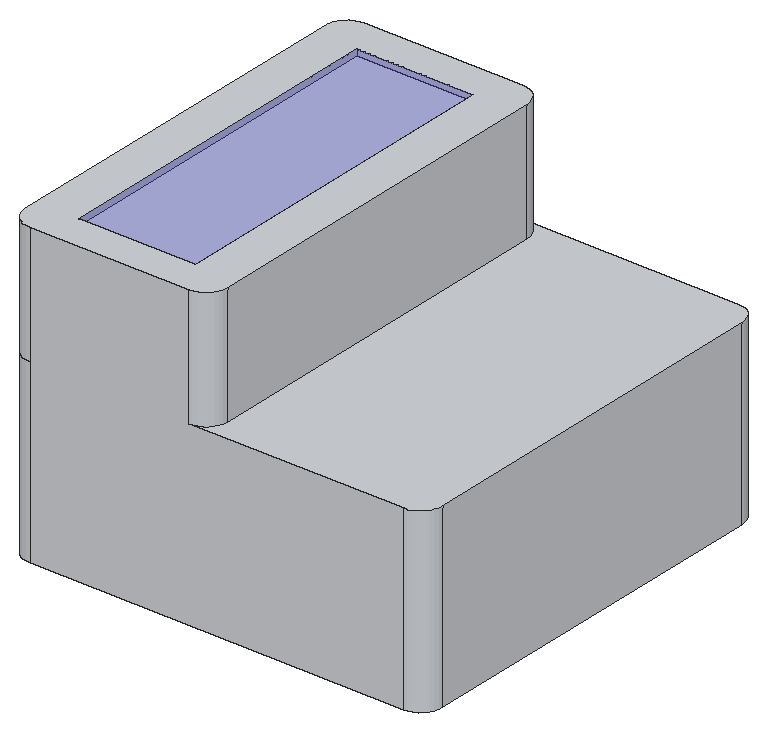
Revit family "Domotics-SerieCivili-GEWISS-27COMBIDIN_SYSTEM-IP40_2M_4SY", category Apparecchi elettrici, host Superficie, Revit 2016
Family settings
  Host = Superficie
  Mantenere orientamento annotazione = No
  Tipo di parte = Normale
  Quota connettore circolare = Usa diametro
  Taglio con vuoti quando caricato = No
  Condiviso = No
  Punto di calcolo locali = No
Parameters (values of type "GW27071 - Contenitore 2 mod. DIN + (2x2) mod. System")
  Viti coperchio = "Acciaio inox"
  Versione file RFA = "19.4"
  URL = "https://www.gewiss.com/it/it"
  Tipologia di contenitore = "GP"
  Tipo sfondabili = "Asportabili con utensile"
  Tipo portella = "Rigida"
  Termopressione con biglia = "70 °C"
  Tensione nominale: = "400 V ac"
  Tensione di isolamento = "750V"
  Temperatura di installazione = "-25 +60 °C"
  Scheda Tecnica = "https://www.gewiss.com/it/it/search?q=GW27071"
  SEO = "Contenitore"
  Resistenza agli urti = "IK07"
  Default Elevation = 1219.2 mm
  Profondità = 95 mm
  Produttore = "GEWISS S.p.A."
  Predisposizione scomparti = "1"
  Potenza dissipabile (W) = "13"
  Norma di riferimento: = "EN 60670-1 - EN 60670-24"
  Norma di riferimento = "EN 60669-2-1"
  N. moduli SYSTEM = "4"
  N. moduli DIN = "2"
  N. fori Ã˜ 23 sfondabili: = "Laterali 10 / Sul fondo 2"
  N. fori Ã˜ 23 sfondabili = "10"
  Modello = "GW27071"
  Larghezza = 132 mm
  Immagine tipo = GW27071.jpg
  IFC.TypeObject = ""
  IFC.ExportType = ""
  IFC.ExportAs = ""
  IDT = "1e104662-b0c2-4183-8d58-26241cd5dc0a"
  IDF = "45a36d84-0d20-4ff0-9bfc-049fc30f44fc"
  Grado di protezione = "IP40"
  Glow Wire Test = "650°C"
  Dim. esterne BxHxP (mm) = "132x132x95"
  Descrizione = "CONTENITORE 2MOD.DIN+(2X2)MOD.SYSTEM PR."
  Creato da GEWISS S.p.A. = ""
  Corrente nominale (In) = "32A"
  Coppia serraggio viti = "0,8NM"
  Contatti di uscita = "1NA 16 A (AC1) 250 V ac"
  Configurazione = "Modulo 2 x 2"
  Colore portella = "Trasparente fume'"
  Colore = "Grigio RAL 7035"
  Codice Electrocod = "0212"
  Codice EAN = "8011564055445"
  Classe isolamento = "II"
  Catalogo Serie = "27COMBI"
  Catalogo = "DOMOTICS"
  Caratteristiche = "Halogen free"
  COBie.Tagnumber = ""
  COBie.CreatedOn = ""
  COBie.CreatebBy = ""
  COBie.ComponentRegisterItemID = ""
  COBie.Component.TagNumber = ""
  COBie.Component.Space = ""
  COBie.Component.SerialNumber = ""
  COBie.Component.InstallationDate = ""
  COBie.Component.Description = ""
  COBie.Component.BarCode = ""
  Altezza = 132 mm  # constant formula
Values of the unnamed type that differ from the named types
  Viti coperchio = ""
  Versione file RFA = ""
  Tipologia di contenitore = ""
  Tipo sfondabili = ""
  Tipo portella = ""
  Termopressione con biglia = ""
  Tensione nominale: = ""
  Tensione di isolamento = ""
  Temperatura di installazione = ""
  Scheda Tecnica = ""
  SEO = ""
  Resistenza agli urti = ""
  Predisposizione scomparti = ""
  Potenza dissipabile (W) = ""
  Norma di riferimento: = ""
  Norma di riferimento = ""
  N. moduli SYSTEM = ""
  N. moduli DIN = ""
  N. fori Ã˜ 23 sfondabili: = ""
  N. fori Ã˜ 23 sfondabili = ""
  IDT = ""
  IDF = ""
  Grado di protezione = ""
  Glow Wire Test = ""
  Dim. esterne BxHxP (mm) = ""
  Corrente nominale (In) = ""
  Coppia serraggio viti = ""
  Contatti di uscita = ""
  Configurazione = ""
  Colore portella = ""
  Colore = ""
  Codice Electrocod = ""
  Codice EAN = ""
  Classe isolamento = ""
  Catalogo Serie = ""
  Catalogo = ""
  Caratteristiche = ""
Reference planes
  plane 1 "Centro (Fronte/Retro)": y = 0
  plane 2: z = 0
  plane 3 "Centro (Sinistra/Destra)": x = 0
  plane 4 "Piano Allineamento Sportellino": z = 95
  plane 5: x = -2.56
  plane 6: z = 57.066
  plane 7: z = 32.066
  plane 8: z = 70
  plane 9: z = 93
  plane 10: x = 65.467
  plane 11: y = 66.019
  plane 12: y = -65.981
  plane 13: x = -66.533
  plane 14: x = -53.047
  plane 15: x = -52.047
  plane 16: x = -17.047
  plane 17: x = -16.047
  plane 18: y = 54.961
  plane 19: y = -53.961
  plane 20: y = -54.961
  plane 21: x = -16.047
  plane 22: x = -16.047
  plane 23: y = 53.961
  plane 24: x = 6.37
  plane 25: y = 2.72
  plane 26: y = -8.101
Forms (mm)
  Extrusion 1, solid
    sketch origin (0, -451.03, 0) x (1, 0, 0) y (0, 1, 0)
      loop
        line (-9.56, 517.049) -> (-59.533, 517.049)
        arc (-59.533, 517.049) -> (-64.483, 514.999) -> (-66.533, 510.049) r 7
        line (-66.533, 510.049) -> (-66.533, 392.049)
        arc (-66.533, 392.049) -> (-64.483, 387.1) -> (-59.533, 385.049) r 7
        line (-59.533, 385.049) -> (-9.56, 385.049)
        arc (-9.56, 385.049) -> (-4.61, 387.1) -> (-2.56, 392.049) r 7
        line (-2.56, 392.049) -> (-2.56, 510.049)
        arc (-2.56, 510.049) -> (-4.61, 514.999) -> (-9.56, 517.049) r 7
    from 57.066 to 95
  Extrusion 2, solid
    sketch origin (0, 0, 0) x (1, 0, 0) y (0, 1, 0)
      loop
        line (-66.533, 59.019) -> (-66.533, -58.981)
        arc (-66.533, -58.981) -> (-64.483, -63.931) -> (-59.533, -65.981) r 7
        line (-59.533, -65.981) -> (58.467, -65.981)
        arc (58.467, -65.981) -> (63.417, -63.931) -> (65.467, -58.981) r 7
        line (65.467, -58.981) -> (65.467, 59.019)
        arc (65.467, 59.019) -> (63.417, 63.969) -> (58.467, 66.019) r 7
        line (58.467, 66.019) -> (-59.533, 66.019)
        arc (-59.533, 66.019) -> (-64.483, 63.969) -> (-66.533, 59.019) r 7
    from 0 to 57.066
  Extrusion 3, void
    sketch origin (4.989, -5.381, 0) x (1, 0, 0) y (0, 1, 0)
      loop
        line (45.38, -2.72) -> (1.38, -2.72) -> (1.38, -49.58) -> (45.38, -49.58) -> (45.38, -2.72)
    from 32.066 to 57.066
  Extrusion 4, void
    sketch origin (0, 0, 0) x (1, 0, 0) y (0, 1, 0)
      loop
        line (-52.047, 53.961) -> (-52.047, -53.961) -> (-17.047, -53.961) -> (-17.047, 53.961) -> (-52.047, 53.961)
    from 70 to 93
  Extrusion 5, void
    sketch origin (0, 0, 0) x (1, 0, 0) y (0, 1, 0)
      loop
        line (-16.047, 54.961) -> (-53.047, 54.961) -> (-53.047, -54.961) -> (-16.047, -54.961) -> (-16.047, 54.961)
    from 93 to 95
  Extrusion 6, solid, material "GEWISS Sportellino"
    sketch origin (0, 0, 0) x (1, 0, 0) y (0, 1, 0)
      loop
        line (-16.047, 54.961) -> (-53.047, 54.961) -> (-53.047, -54.961) -> (-16.047, -54.961) -> (-16.047, 54.961)
    from 93 to 95
  Extrusion 7, void
    sketch origin (4.989, 52.299, 0) x (1, 0, 0) y (0, 1, 0)
      loop
        line (45.38, -2.72) -> (1.38, -2.72) -> (1.38, -49.58) -> (45.38, -49.58) -> (45.38, -2.72)
    from 32.066 to 57.066
Cuts and joins
  Extrusion 5, Extrusion 7 cuts Extrusion 1
  Extrusion 4 cuts Extrusion 2
  joined: Extrusion 1, Extrusion 2
Lines and regions (mm)
  Filled region 1, type "GW27071Q.DXF-1", in view "Livello rif."
    outline origin (0, 0, 0) x (1, 0, 0) y (0, 1, 0)
      loop
        line (260.935, -29.653) -> (261.769, -34.653) -> (262.602, -29.653) -> (260.935, -29.653)
  Filled region 2, type "GW27071Q.DXF-1", in view "Livello rif."
    outline origin (0, 0, 0) x (1, 0, 0) y (0, 1, 0)
      loop
        line (260.935, 92.347) -> (262.602, 92.347) -> (261.769, 97.347) -> (260.935, 92.347)
  Filled region 3, type "GW27071Q.DXF-1", in view "Livello rif."
    outline origin (0, 0, 0) x (1, 0, 0) y (0, 1, 0)
      loop
        line (105.985, -59.146) -> (100.985, -59.979) -> (105.985, -60.812) -> (105.985, -59.146)
  Filled region 4, type "GW27071Q.DXF-1", in view "Livello rif."
    outline origin (0, 0, 0) x (1, 0, 0) y (0, 1, 0)
      loop
        line (227.985, -59.146) -> (227.985, -60.812) -> (232.985, -59.979) -> (227.985, -59.146)
  Filled region 5, type "GW27071Q.DXF-1", in view "Livello rif."
    outline origin (0, 0, 0) x (1, 0, 0) y (0, 1, 0)
      loop
        line (120.381, 113.489) -> (115.381, 112.656) -> (120.381, 111.823) -> (120.381, 113.489)
  Filled region 6, type "GW27071Q.DXF-1", in view "Livello rif."
    outline origin (0, 0, 0) x (1, 0, 0) y (0, 1, 0)
      loop
        line (145.381, 113.489) -> (145.381, 111.823) -> (150.381, 112.656) -> (145.381, 113.489)
  Filled region 7, type "GW27071Q.DXF-1", in view "Livello rif."
    outline origin (0, 0, 0) x (1, 0, 0) y (0, 1, 0)
      loop
        line (249.289, 75.924) -> (250.956, 75.924) -> (250.123, 80.924) -> (249.289, 75.924)
  Filled region 8, type "GW27071Q.DXF-1", in view "Livello rif."
    outline origin (0, 0, 0) x (1, 0, 0) y (0, 1, 0)
      loop
        line (249.289, -12.076) -> (250.123, -17.076) -> (250.956, -12.076) -> (249.289, -12.076)
  Filled region 9, type "GW27071Q.DXF-1", in view "Livello rif."
    outline origin (0, 0, 0) x (1, 0, 0) y (0, 1, 0)
      loop
        line (116.985, -49.734) -> (111.985, -50.567) -> (116.985, -51.4) -> (116.985, -49.734)
  Filled region 10, type "GW27071Q.DXF-1", in view "Livello rif."
    outline origin (0, 0, 0) x (1, 0, 0) y (0, 1, 0)
      loop
        line (216.985, -49.734) -> (216.985, -51.4) -> (221.985, -50.567) -> (216.985, -49.734)
  Filled region 11, type "GW27071Q.DXF-1", in view "Livello rif."
    outline origin (0, 0, 0) x (1, 0, 0) y (0, 1, 0)
      loop
        line (53.574, 133.277) -> (53.574, 131.611) -> (58.574, 132.444) -> (53.574, 133.277)
  Filled region 12, type "GW27071Q.DXF-1", in view "Livello rif."
    outline origin (0, 0, 0) x (1, 0, 0) y (0, 1, 0)
      loop
        line (17.434, 133.277) -> (12.434, 132.444) -> (17.434, 131.611) -> (17.434, 133.277)
  Filled region 13, type "GW27071Q.DXF-1", in view "Livello rif."
    outline origin (0, 0, 0) x (1, 0, 0) y (0, 1, 0)
      loop
        line (17.434, 116.721) -> (12.434, 115.888) -> (17.434, 115.054) -> (17.434, 116.721)
  Filled region 14, type "GW27071Q.DXF-1", in view "Livello rif."
    outline origin (0, 0, 0) x (1, 0, 0) y (0, 1, 0)
      loop
        line (37.434, 116.721) -> (37.434, 115.054) -> (42.434, 115.888) -> (37.434, 116.721)
  Filled region 15, type "GW27071Q.DXF-1", in view "Livello rif."
    outline origin (0, 0, 0) x (1, 0, 0) y (0, 1, 0)
      loop
        line (47.434, 116.721) -> (42.434, 115.888) -> (47.434, 115.054) -> (47.434, 116.721)
  Filled region 16, type "GW27071Q.DXF-1", in view "Livello rif."
    outline origin (0, 0, 0) x (1, 0, 0) y (0, 1, 0)
      loop
        line (53.574, 116.721) -> (53.574, 115.054) -> (58.574, 115.888) -> (53.574, 116.721)
  Filled region 17, type "GW27071Q.DXF-1", in view "Livello rif."
    outline origin (0, 0, 0) x (1, 0, 0) y (0, 1, 0)
      loop
        line (34.678, -62.533) -> (34.678, -64.2) -> (39.678, -63.366) -> (34.678, -62.533)
  Filled region 18, type "GW27071Q.DXF-1", in view "Livello rif."
    outline origin (0, 0, 0) x (1, 0, 0) y (0, 1, 0)
      loop
        line (17.938, -62.533) -> (12.938, -63.366) -> (17.938, -64.2) -> (17.938, -62.533)
  Filled region 19, type "GW27071Q.DXF-1", in view "Livello rif."
    outline origin (0, 0, 0) x (1, 0, 0) y (0, 1, 0)
      loop
        line (34.678, -45.003) -> (34.678, -46.67) -> (39.678, -45.836) -> (34.678, -45.003)
  Filled region 20, type "GW27071Q.DXF-1", in view "Livello rif."
    outline origin (0, 0, 0) x (1, 0, 0) y (0, 1, 0)
      loop
        line (42.138, -45.003) -> (37.138, -45.836) -> (42.138, -46.67) -> (42.138, -45.003)
  Filled region 21, type "GW27071Q.DXF-1", in view "Livello rif."
    outline origin (0, 0, 0) x (1, 0, 0) y (0, 1, 0)
      loop
        line (44.678, -44.823) -> (39.678, -45.656) -> (44.678, -46.49) -> (44.678, -44.823)
  Filled region 22, type "GW27071Q.DXF-1", in view "Livello rif."
    outline origin (0, 0, 0) x (1, 0, 0) y (0, 1, 0)
      loop
        line (52.278, -44.823) -> (52.278, -46.49) -> (57.278, -45.656) -> (52.278, -44.823)
  Filled region 23, type "GW27071Q.DXF-1", in view "Livello rif."
    outline origin (0, 0, 0) x (1, 0, 0) y (0, 1, 0)
      loop
        line (212.797, 109.74) -> (212.797, 108.073) -> (217.797, 108.907) -> (212.797, 109.74)
  Filled region 24, type "GW27071Q.DXF-1", in view "Livello rif."
    outline origin (0, 0, 0) x (1, 0, 0) y (0, 1, 0)
      loop
        line (176.797, 109.74) -> (171.797, 108.907) -> (176.797, 108.073) -> (176.797, 109.74)
  Filled region 25, type "GW27071Q.DXF-1", in view "Sinistra"
    outline origin (0, 0, 0) x (0, -1, 0) y (0, 0, 1)
      loop
        line (101.84, 5) -> (100.174, 5) -> (101.007, 0) -> (101.84, 5)
  Filled region 26, type "GW27071Q.DXF-1", in view "Sinistra"
    outline origin (0, 0, 0) x (0, -1, 0) y (0, 0, 1)
      loop
        line (101.84, 90) -> (101.007, 95) -> (100.174, 90) -> (101.84, 90)
  Filled region 27, type "GW27071Q.DXF-1", in view "Sinistra"
    outline origin (0, 0, 0) x (0, -1, 0) y (0, 0, 1)
      loop
        line (85.284, 90) -> (84.451, 95) -> (83.617, 90) -> (85.284, 90)
  Filled region 28, type "GW27071Q.DXF-1", in view "Sinistra"
    outline origin (0, 0, 0) x (0, -1, 0) y (0, 0, 1)
      loop
        line (85.284, 70) -> (83.617, 70) -> (84.451, 65) -> (85.284, 70)
  Filled region 29, type "GW27071Q.DXF-1", in view "Sinistra"
    outline origin (0, 0, 0) x (0, -1, 0) y (0, 0, 1)
      loop
        line (85.284, 60) -> (84.451, 65) -> (83.617, 60) -> (85.284, 60)
  Filled region 30, type "GW27071Q.DXF-1", in view "Sinistra"
    outline origin (0, 0, 0) x (0, -1, 0) y (0, 0, 1)
      loop
        line (85.284, 5) -> (83.617, 5) -> (84.451, 0) -> (85.284, 5)
  Filled region 31, type "GW27071Q.DXF-1", in view "Sinistra"
    outline origin (0, 0, 0) x (0, -1, 0) y (0, 0, 1)
      loop
        line (-93.97, 23.896) -> (-95.637, 23.896) -> (-94.803, 18.896) -> (-93.97, 23.896)
  Filled region 32, type "GW27071Q.DXF-1", in view "Sinistra"
    outline origin (0, 0, 0) x (0, -1, 0) y (0, 0, 1)
      loop
        line (-93.97, 89.496) -> (-94.803, 94.496) -> (-95.637, 89.496) -> (-93.97, 89.496)
  Filled region 33, type "GW27071Q.DXF-1", in view "Sinistra"
    outline origin (0, 0, 0) x (0, -1, 0) y (0, 0, 1)
      loop
        line (-76.44, 23.896) -> (-78.107, 23.896) -> (-77.273, 18.896) -> (-76.44, 23.896)
  Filled region 34, type "GW27071Q.DXF-1", in view "Sinistra"
    outline origin (0, 0, 0) x (0, -1, 0) y (0, 0, 1)
      loop
        line (-76.44, 65.296) -> (-77.273, 70.296) -> (-78.107, 65.296) -> (-76.44, 65.296)
  Filled region 35, type "GW27071Q.DXF-1", in view "Sinistra"
    outline origin (0, 0, 0) x (0, -1, 0) y (0, 0, 1)
      loop
        line (-76.26, 58.896) -> (-77.927, 58.896) -> (-77.093, 18.896) -> (-76.26, 58.896)
  Filled region 36, type "GW27071Q.DXF-1", in view "Sinistra"
    outline origin (0, 0, 0) x (0, -1, 0) y (0, 0, 1)
      loop
        line (-76.26, 51.296) -> (-77.927, 51.296) -> (-77.093, 1.296) -> (-76.26, 51.296)
  Filled region 37, type "GW27071Q.DXF-1", in view "Sinistra", not visible
    outline origin (0, 0, 0) x (0, -1, 0) y (0, 0, 1)
      loop
        line (295.687, 963.746) -> (295.687, 962.08) -> (300.687, 962.913) -> (295.687, 963.746)
  Filled region 38, type "GW27071Q.DXF-1", in view "Sinistra", not visible
    outline origin (0, 0, 0) x (0, -1, 0) y (0, 0, 1)
      loop
        line (210.687, 963.746) -> (205.687, 962.913) -> (210.687, 962.08) -> (210.687, 963.746)
  Filled region 39, type "GW27071Q.DXF-1", in view "Sinistra", not visible
    outline origin (0, 0, 0) x (0, -1, 0) y (0, 0, 1)
      loop
        line (210.687, 947.19) -> (205.687, 946.356) -> (210.687, 945.523) -> (210.687, 947.19)
  Filled region 40, type "GW27071Q.DXF-1", in view "Sinistra", not visible
    outline origin (0, 0, 0) x (0, -1, 0) y (0, 0, 1)
      loop
        line (230.687, 947.19) -> (230.687, 945.523) -> (235.687, 946.356) -> (230.687, 947.19)
  Filled region 41, type "GW27071Q.DXF-1", in view "Sinistra", not visible
    outline origin (0, 0, 0) x (0, -1, 0) y (0, 0, 1)
      loop
        line (240.687, 947.19) -> (235.687, 946.356) -> (240.687, 945.523) -> (240.687, 947.19)
  Filled region 42, type "GW27071Q.DXF-1", in view "Sinistra", not visible
    outline origin (0, 0, 0) x (0, -1, 0) y (0, 0, 1)
      loop
        line (295.687, 947.19) -> (295.687, 945.523) -> (300.687, 946.356) -> (295.687, 947.19)
  Filled region 43, type "GW27071Q.DXF-1", in view "Sinistra", not visible
    outline origin (0, 0, 0) x (0, -1, 0) y (0, 0, 1)
      loop
        line (276.791, 767.936) -> (276.791, 766.269) -> (281.791, 767.103) -> (276.791, 767.936)
  Filled region 44, type "GW27071Q.DXF-1", in view "Sinistra", not visible
    outline origin (0, 0, 0) x (0, -1, 0) y (0, 0, 1)
      loop
        line (211.191, 767.936) -> (206.191, 767.103) -> (211.191, 766.269) -> (211.191, 767.936)
  Filled region 45, type "GW27071Q.DXF-1", in view "Sinistra", not visible
    outline origin (0, 0, 0) x (0, -1, 0) y (0, 0, 1)
      loop
        line (276.791, 785.466) -> (276.791, 783.799) -> (281.791, 784.632) -> (276.791, 785.466)
  Filled region 46, type "GW27071Q.DXF-1", in view "Sinistra", not visible
    outline origin (0, 0, 0) x (0, -1, 0) y (0, 0, 1)
      loop
        line (235.391, 785.466) -> (230.391, 784.632) -> (235.391, 783.799) -> (235.391, 785.466)
  Filled region 47, type "GW27071Q.DXF-1", in view "Sinistra", not visible
    outline origin (0, 0, 0) x (0, -1, 0) y (0, 0, 1)
      loop
        line (286.791, 785.646) -> (281.791, 784.812) -> (286.791, 783.979) -> (286.791, 785.646)
  Filled region 48, type "GW27071Q.DXF-1", in view "Sinistra", not visible
    outline origin (0, 0, 0) x (0, -1, 0) y (0, 0, 1)
      loop
        line (294.391, 785.646) -> (294.391, 783.979) -> (299.391, 784.812) -> (294.391, 785.646)
  model lines, detail levels fine
    curve 1: line (-14.013, 63.947, 95) -> (-14.013, 53.914, 95)
    curve 2: line (-9.267, 58.93, 95) -> (-18.758, 58.93, 95)
    curve 3: line (-14.013, -63.947, 95) -> (-14.013, -53.914, 95)
    curve 4: line (-9.267, -58.93, 95) -> (-18.758, -58.93, 95)
    curve 5: line (59.16, -63.911, 57.066) -> (59.16, -53.878, 57.066)
    curve 6: line (63.901, -58.899, 57.066) -> (54.39, -58.899, 57.066)
    curve 7: line (59.16, 63.947, 57.066) -> (59.16, 53.914, 57.066)
    curve 8: line (63.901, 58.935, 57.066) -> (54.41, 58.935, 57.066)
    curve 9: line (-60.216, -63.947, 95) -> (-60.216, -53.914, 95)
    curve 10: line (-64.957, -58.935, 95) -> (-55.442, -58.935, 95)
    curve 11: line (-60.216, 63.947, 95) -> (-60.216, 53.961, 95)
    curve 12: line (-64.957, 58.935, 95) -> (-55.466, 58.935, 95)
    curve 13: circle (-14.013, 58.93, 95) r 2.983 normal (0, 0, 1)
    curve 14: circle (-14.013, -58.93, 95) r 2.983 normal (0, 0, 1)
    curve 17: circle (59.155, -58.899, 57.066) r 2.983 normal (0, 0, 1)
    curve 18: circle (59.155, 58.935, 57.066) r 2.983 normal (0, 0, 1)
    curve 19: circle (-60.211, -58.935, 95) r 2.983 normal (0, 0, 1)
    curve 20: circle (-60.211, 58.935, 95) r 2.983 normal (0, 0, 1)
    curve 22: line (-16.147, 61.014, 95) -> (-11.878, 56.847, 95)
    curve 23: line (-16.147, -61.014, 95) -> (-11.878, -56.847, 95)
    curve 24: line (57.021, -60.983, 57.066) -> (61.29, -56.815, 57.066)
    curve 25: line (57.021, 61.019, 57.066) -> (61.29, 56.851, 57.066)
    curve 26: line (-58.077, -61.019, 95) -> (-62.346, -56.851, 95)
    curve 27: line (-58.077, 61.019, 95) -> (-62.346, 56.851, 95)
  model lines
    curve 15: arc (65.467, 58.93, 0) -> (63.423, 63.94, 0) -> (58.428, 66.019, 0) r 7.039
    curve 16: arc (58.063, -66.006, 0) -> (63.067, -63.923, 0) -> (65.115, -58.905, 0) r 7.052
    curve 21: line (58.063, -66.006, 0) -> (-60.213, -66.006, 0)
  model lines, not visible
    curve 28: arc (276.741, -20.994, 0) -> (277.939, -18.365, 0) -> (277.918, -15.476, 0) r 6.7
    curve 29: arc (264.087, -16.92, 0) -> (264.693, -19.757, 0) -> (266.434, -22.078, 0) r 6.754
    curve 30: arc (268.608, -16.92, 0) -> (269.839, -19.067, 0) -> (272.314, -19.095, 0) r 2.493
    curve 31: arc (268.969, -24.605, 0) -> (271.825, -24.886, 0) -> (274.574, -24.062, 0) r 7.427
    curve 32: arc (276.741, -12.853, 0) -> (274.6, -10.93, 0) -> (271.859, -10.052, 0) r 6.874
    curve 33: arc (268.969, -10.326, 0) -> (266.449, -11.778, 0) -> (264.721, -14.118, 0) r 7.102
    curve 34: arc (273.578, -16.92, 0) -> (272.344, -14.78, 0) -> (269.874, -14.755, 0) r 2.491
    curve 35: arc (268.969, -24.605, 0) -> (271.82, -24.986, 0) -> (274.546, -24.065, 0) r 6.329
    curve 36: arc (272.314, 81.969, 0) -> (269.839, 81.941, 0) -> (268.608, 79.794, 0) r 2.493
    curve 37: arc (274.574, 86.936, 0) -> (271.825, 87.76, 0) -> (268.969, 87.479, 0) r 7.427
    curve 38: arc (274.546, 86.939, 0) -> (271.82, 87.86, 0) -> (268.969, 87.479, 0) r 6.329
    curve 39: arc (266.434, 84.952, 0) -> (264.693, 82.631, 0) -> (264.087, 79.794, 0) r 6.754
    curve 40: arc (264.721, 76.992, 0) -> (266.449, 74.652, 0) -> (268.969, 73.2, 0) r 7.102
    curve 41: arc (277.918, 78.35, 0) -> (277.939, 81.239, 0) -> (276.741, 83.868, 0) r 6.7
    curve 42: arc (269.874, 77.629, 0) -> (272.344, 77.654, 0) -> (273.578, 79.794, 0) r 2.491
    curve 43: arc (271.859, 72.926, 0) -> (274.6, 73.804, 0) -> (276.741, 75.727, 0) r 6.874
    curve 44: arc (159.373, -19.095, 0) -> (161.848, -19.067, 0) -> (163.079, -16.92, 0) r 2.493
    curve 45: arc (157.113, -24.062, 0) -> (159.862, -24.886, 0) -> (162.719, -24.605, 0) r 7.427
    curve 46: arc (157.142, -24.065, 0) -> (159.867, -24.986, 0) -> (162.719, -24.605, 0) r 6.329
    curve 47: arc (165.253, -22.078, 0) -> (166.994, -19.757, 0) -> (167.601, -16.92, 0) r 6.754
    curve 48: arc (166.966, -14.118, 0) -> (165.239, -11.778, 0) -> (162.719, -10.326, 0) r 7.102
    curve 49: arc (153.769, -15.476, 0) -> (153.748, -18.365, 0) -> (154.946, -20.994, 0) r 6.7
    curve 50: arc (161.813, -14.755, 0) -> (159.343, -14.78, 0) -> (158.11, -16.92, 0) r 2.491
    curve 51: arc (159.828, -10.052, 0) -> (157.087, -10.93, 0) -> (154.946, -12.853, 0) r 6.874
    curve 52: arc (154.946, 75.727, 0) -> (157.087, 73.804, 0) -> (159.828, 72.926, 0) r 6.874
    curve 53: arc (162.719, 73.2, 0) -> (165.239, 74.652, 0) -> (166.966, 76.992, 0) r 7.102
    curve 54: arc (162.719, 87.479, 0) -> (159.867, 87.86, 0) -> (157.142, 86.939, 0) r 6.329
    curve 55: arc (162.719, 87.479, 0) -> (159.862, 87.76, 0) -> (157.113, 86.936, 0) r 7.427
    curve 56: arc (163.079, 79.794, 0) -> (161.848, 81.941, 0) -> (159.373, 81.969, 0) r 2.493
    curve 57: arc (167.601, 79.794, 0) -> (166.994, 82.631, 0) -> (165.253, 84.952, 0) r 6.754
    curve 58: arc (158.11, 79.794, 0) -> (159.343, 77.654, 0) -> (161.813, 77.629, 0) r 2.491
    curve 59: arc (154.946, 83.868, 0) -> (153.748, 81.239, 0) -> (153.769, 78.35, 0) r 6.7
    curve 60: line (266.434, -22.078, 0) -> (264.087, -16.92, 0)
    curve 61: line (277.918, -15.476, 0) -> (276.741, -20.994, 0)
    curve 62: line (272.314, -19.095, 0) -> (268.608, -16.92, 0)
    curve 63: line (274.574, -24.062, 0) -> (268.969, -24.605, 0)
    curve 64: line (271.859, -10.052, 0) -> (276.741, -12.853, 0)
    curve 65: line (264.721, -14.118, 0) -> (268.969, -10.326, 0)
    curve 66: line (269.874, -14.755, 0) -> (273.578, -16.92, 0)
    curve 67: line (272.314, 81.969, 0) -> (268.608, 79.794, 0)
    curve 68: line (274.574, 86.936, 0) -> (268.969, 87.479, 0)
    curve 69: line (266.434, 84.952, 0) -> (264.087, 79.794, 0)
    curve 70: line (264.721, 76.992, 0) -> (268.969, 73.2, 0)
    curve 71: line (277.918, 78.35, 0) -> (276.741, 83.868, 0)
    curve 72: line (269.874, 77.629, 0) -> (273.578, 79.794, 0)
    curve 73: line (271.859, 72.926, 0) -> (276.741, 75.727, 0)
    curve 74: line (159.373, -19.095, 0) -> (163.079, -16.92, 0)
    curve 75: line (157.113, -24.062, 0) -> (162.719, -24.605, 0)
    curve 76: line (165.253, -22.078, 0) -> (167.601, -16.92, 0)
    curve 77: line (166.966, -14.118, 0) -> (162.719, -10.326, 0)
    curve 78: line (153.769, -15.476, 0) -> (154.946, -20.994, 0)
    curve 79: line (161.813, -14.755, 0) -> (158.11, -16.92, 0)
    curve 80: line (159.828, -10.052, 0) -> (154.946, -12.853, 0)
    curve 81: line (159.828, 72.926, 0) -> (154.946, 75.727, 0)
    curve 82: line (166.966, 76.992, 0) -> (162.719, 73.2, 0)
    curve 83: line (157.142, 86.939, 0) -> (162.719, 87.479, 0)
    curve 84: line (159.373, 81.969, 0) -> (163.079, 79.794, 0)
    curve 85: line (165.253, 84.952, 0) -> (167.601, 79.794, 0)
    curve 86: line (161.813, 77.629, 0) -> (158.11, 79.794, 0)
    curve 87: line (153.769, 78.35, 0) -> (154.946, 83.868, 0)
    curve 88: line (202.275, 95.384, 0) -> (202.275, 85.351, 0)
    curve 89: line (207.021, 90.368, 0) -> (197.53, 90.368, 0)
    curve 90: line (202.275, -32.51, 0) -> (202.275, -22.477, 0)
    curve 91: line (207.021, -27.493, 0) -> (197.53, -27.493, 0)
    curve 92: line (275.615, -32.51, 0) -> (275.615, -22.477, 0)
    curve 93: line (280.356, -27.498, 0) -> (270.845, -27.498, 0)
    curve 94: line (275.615, 95.384, 0) -> (275.615, 85.351, 0)
    curve 95: line (280.356, 90.372, 0) -> (270.865, 90.372, 0)
    curve 96: line (156.072, -32.51, 0) -> (156.072, -22.477, 0)
    curve 97: line (151.331, -27.498, 0) -> (160.845, -27.498, 0)
    curve 98: line (156.072, 95.384, 0) -> (156.072, 85.351, 0)
    curve 99: line (151.331, 90.372, 0) -> (160.822, 90.372, 0)
    curve 100: line (289.744, 31.437, 0) -> (142.831, 31.437, 0)
    curve 101: arc (156.804, 97.456, 0) -> (151.809, 95.377, 0) -> (149.765, 90.368, 0) r 7.039
    curve 102: arc (195.602, -22.524, 0) -> (181.766, -8.688, 0) -> (167.931, -22.524, 0) r 13.836
    curve 103: arc (196.241, -22.524, 0) -> (198.363, -21.645, 0) -> (199.241, -19.524, 0) r 3
    curve 104: arc (199.241, 82.398, 0) -> (198.363, 84.519, 0) -> (196.241, 85.398, 0) r 3
    curve 105: circle (202.275, 90.368, 0) r 2.983 normal (0, 0, 1)
    curve 106: circle (202.275, -27.493, 0) r 2.983 normal (0, 0, 1)
    curve 107: arc (213.717, 90.368, 0) -> (211.673, 95.377, 0) -> (206.678, 97.456, 0) r 7.039
    curve 108: arc (149.765, -27.493, 0) -> (151.559, -32.237, 0) -> (156.075, -34.544, 0) r 7.039
    curve 109: arc (206.678, -34.582, 0) -> (211.673, -32.503, 0) -> (213.717, -27.493, 0) r 7.039
    curve 110: arc (281.922, 90.368, 0) -> (279.878, 95.377, 0) -> (274.883, 97.456, 0) r 7.039
    curve 111: arc (274.883, -34.582, 0) -> (279.878, -32.503, 0) -> (281.922, -27.493, 0) r 7.039
    curve 112: arc (222.657, 27.687, 0) -> (221.243, 27.101, 0) -> (220.657, 25.687, 0) r 2
    curve 113: arc (266.657, 25.687, 0) -> (266.072, 27.101, 0) -> (264.657, 27.687, 0) r 2
    curve 114: arc (266.657, 22.687, 0) -> (266.072, 24.101, 0) -> (264.657, 24.687, 0) r 2
    curve 115: arc (264.657, -20.313, 0) -> (266.072, -19.727, 0) -> (266.657, -18.313, 0) r 2
    curve 116: arc (220.657, -18.313, 0) -> (221.243, -19.727, 0) -> (222.657, -20.313, 0) r 2
    curve 117: arc (244.109, -18.327, 0) -> (244.648, -19.498, 0) -> (245.647, -20.313, 0) r 2.858
    curve 118: arc (241.574, -20.313, 0) -> (242.573, -19.498, 0) -> (243.112, -18.327, 0) r 2.858
    curve 119: arc (222.657, 24.687, 0) -> (221.243, 24.101, 0) -> (220.657, 22.687, 0) r 2
    curve 120: arc (243.112, 22.701, 0) -> (242.573, 23.872, 0) -> (241.574, 24.687, 0) r 2.858
    curve 121: arc (245.647, 24.687, 0) -> (244.648, 23.872, 0) -> (244.109, 22.701, 0) r 2.858
    curve 122: arc (220.657, 37.187, 0) -> (221.243, 35.773, 0) -> (222.657, 35.187, 0) r 2
    curve 123: arc (222.657, 80.187, 0) -> (221.243, 79.601, 0) -> (220.657, 78.187, 0) r 2
    curve 124: arc (222.657, 83.187, 0) -> (221.243, 82.601, 0) -> (220.657, 81.187, 0) r 2
    curve 125: circle (275.611, -27.498, 0) r 2.983 normal (0, 0, 1)
    curve 126: circle (275.611, 90.372, 0) r 2.983 normal (0, 0, 1)
    curve 127: arc (241.574, 35.187, 0) -> (242.573, 36.002, 0) -> (243.112, 37.173, 0) r 2.858
    curve 128: arc (244.109, 37.173, 0) -> (244.648, 36.002, 0) -> (245.647, 35.187, 0) r 2.858
    curve 129: arc (245.647, 80.187, 0) -> (244.648, 79.372, 0) -> (244.109, 78.201, 0) r 2.858
    curve 130: arc (243.112, 78.201, 0) -> (242.573, 79.372, 0) -> (241.574, 80.187, 0) r 2.858
    curve 131: arc (264.657, 35.187, 0) -> (266.072, 35.773, 0) -> (266.657, 37.187, 0) r 2
    curve 132: arc (266.657, 78.187, 0) -> (266.072, 79.601, 0) -> (264.657, 80.187, 0) r 2
    curve 133: arc (266.657, 81.187, 0) -> (266.072, 82.601, 0) -> (264.657, 83.187, 0) r 2
    curve 134: circle (156.077, -27.498, 0) r 2.983 normal (0, 0, 1)
    curve 135: arc (164.241, -19.524, 0) -> (165.12, -21.645, 0) -> (167.241, -22.524, 0) r 3
    curve 136: circle (156.077, 90.372, 0) r 2.983 normal (0, 0, 1)
    curve 137: arc (167.241, 85.398, 0) -> (165.12, 84.519, 0) -> (164.241, 82.398, 0) r 3
    curve 138: line (281.845, -27.493, 0) -> (281.845, 90.368, 0)
    curve 139: line (275.613, -34.544, 0) -> (156.075, -34.544, 0)
    curve 140: line (149.755, 90.368, 0) -> (149.755, -27.493, 0)
    curve 141: line (213.728, 90.368, 0) -> (213.728, -27.493, 0)
    curve 142: line (196.241, -22.524, 0) -> (167.241, -22.524, 0)
    curve 143: line (167.241, 85.398, 0) -> (196.241, 85.398, 0)
    curve 144: line (164.241, -19.524, 0) -> (164.241, 82.398, 0)
    curve 145: line (188.195, -2.552, 0) -> (193.792, -2.552, 0)
    curve 146: line (188.195, 8.478, 0) -> (193.792, 8.478, 0)
    curve 147: line (199.241, -19.524, 0) -> (199.241, 82.398, 0)
    curve 148: line (164.241, 65.427, 0) -> (199.241, 65.427, 0)
    curve 149: line (164.241, 54.396, 0) -> (199.241, 54.396, 0)
    curve 150: line (164.241, 8.478, 0) -> (199.241, 8.478, 0)
    curve 151: line (164.241, -2.552, 0) -> (199.241, -2.552, 0)
    curve 152: line (164.241, -15.562, 0) -> (199.241, -15.562, 0)
    curve 153: line (200.141, 92.451, 0) -> (204.41, 88.284, 0)
    curve 154: line (200.141, -29.577, 0) -> (204.41, -25.41, 0)
    curve 155: line (274.883, 97.456, 0) -> (156.804, 97.456, 0)
    curve 156: line (220.657, -18.313, 0) -> (220.657, 24.687, 0)
    curve 157: line (220.657, 24.687, 0) -> (220.657, 25.687, 0)
    curve 158: line (266.657, 25.687, 0) -> (266.657, -18.313, 0)
    curve 159: line (225.668, -20.313, 0) -> (225.668, -18.327, 0)
    curve 160: line (225.668, -18.327, 0) -> (239.681, -18.327, 0)
    curve 161: line (239.681, -18.327, 0) -> (239.681, -20.313, 0)
    curve 162: line (264.657, -20.313, 0) -> (222.657, -20.313, 0)
    curve 163: line (247.634, -20.313, 0) -> (247.634, -18.327, 0)
    curve 164: line (247.634, -18.327, 0) -> (261.647, -18.327, 0)
    curve 165: line (261.647, -18.327, 0) -> (261.647, -20.313, 0)
    curve 166: line (243.112, -18.327, 0) -> (244.109, -18.327, 0)
    curve 167: line (244.109, -18.327, 0) -> (243.112, -18.327, 0)
    curve 168: line (225.668, 24.687, 0) -> (225.668, 22.701, 0)
    curve 169: line (225.668, 22.701, 0) -> (239.681, 22.701, 0)
    curve 170: line (239.681, 22.701, 0) -> (239.681, 24.687, 0)
    curve 171: line (222.657, 24.687, 0) -> (264.657, 24.687, 0)
    curve 172: line (247.634, 24.687, 0) -> (247.634, 22.701, 0)
    curve 173: line (247.634, 22.701, 0) -> (261.647, 22.701, 0)
    curve 174: line (261.647, 22.701, 0) -> (261.647, 24.687, 0)
    curve 175: line (243.112, 22.701, 0) -> (244.109, 22.701, 0)
    curve 176: line (244.109, 22.701, 0) -> (243.112, 22.701, 0)
    curve 177: line (220.657, 37.187, 0) -> (220.657, 80.187, 0)
    curve 178: line (220.657, 80.187, 0) -> (220.657, 81.187, 0)
    curve 179: line (222.657, 27.687, 0) -> (264.657, 27.687, 0)
    curve 180: line (222.657, 35.187, 0) -> (264.657, 35.187, 0)
    curve 181: line (264.657, 35.187, 0) -> (222.657, 35.187, 0)
    curve 182: line (264.657, 80.187, 0) -> (222.657, 80.187, 0)
    curve 183: line (222.657, 80.187, 0) -> (264.657, 80.187, 0)
    curve 184: line (273.476, -29.582, 0) -> (277.745, -25.414, 0)
    curve 185: line (273.476, 92.456, 0) -> (277.745, 88.288, 0)
    curve 186: line (247.634, 80.187, 0) -> (247.634, 78.201, 0)
    curve 187: line (247.634, 78.201, 0) -> (261.647, 78.201, 0)
    curve 188: line (261.647, 78.201, 0) -> (261.647, 80.187, 0)
    curve 189: line (222.657, 83.187, 0) -> (264.657, 83.187, 0)
    curve 190: line (247.634, 35.187, 0) -> (247.634, 37.173, 0)
    curve 191: line (247.634, 37.173, 0) -> (261.647, 37.173, 0)
    curve 192: line (261.647, 37.173, 0) -> (261.647, 35.187, 0)
    curve 193: line (225.668, 35.187, 0) -> (225.668, 37.173, 0)
    curve 194: line (225.668, 37.173, 0) -> (239.681, 37.173, 0)
    curve 195: line (239.681, 37.173, 0) -> (239.681, 35.187, 0)
    curve 196: line (244.109, 37.173, 0) -> (243.112, 37.173, 0)
    curve 197: line (243.112, 37.173, 0) -> (244.109, 37.173, 0)
    curve 198: line (225.668, 80.187, 0) -> (225.668, 78.201, 0)
    curve 199: line (225.668, 78.201, 0) -> (239.681, 78.201, 0)
    curve 200: line (239.681, 78.201, 0) -> (239.681, 80.187, 0)
    curve 201: line (244.109, 78.201, 0) -> (243.112, 78.201, 0)
    curve 202: line (243.112, 78.201, 0) -> (244.109, 78.201, 0)
    curve 203: line (266.657, 81.187, 0) -> (266.657, 37.187, 0)
    curve 204: line (158.211, -29.582, 0) -> (153.942, -25.414, 0)
    curve 205: line (158.211, 92.456, 0) -> (153.942, 88.288, 0)
    curve 206: line (283.203, -34.653, 0) -> (311.879, -34.653, 0)
    curve 207: line (283.203, 97.347, 0) -> (311.879, 97.347, 0)
    curve 208: line (310.629, -29.653, 0) -> (310.629, 92.347, 0)
    curve 209: line (309.796, -29.653, 0) -> (311.463, -29.653, 0)
    curve 210: line (311.463, -29.653, 0) -> (310.629, -34.653, 0)
    curve 211: line (310.629, -34.653, 0) -> (309.796, -29.653, 0)
    curve 212: line (309.796, 92.347, 0) -> (311.463, 92.347, 0)
    curve 213: line (311.463, 92.347, 0) -> (310.629, 97.347, 0)
    curve 214: line (310.629, 97.347, 0) -> (309.796, 92.347, 0)
    curve 215: line (149.845, -38.932, 0) -> (149.845, -61.229, 0)
    curve 216: line (281.845, -38.932, 0) -> (281.845, -61.229, 0)
    curve 217: line (154.845, -59.979, 0) -> (276.845, -59.979, 0)
    curve 218: line (154.845, -59.146, 0) -> (154.845, -60.812, 0)
    curve 219: line (154.845, -60.812, 0) -> (149.845, -59.979, 0)
    curve 220: line (149.845, -59.979, 0) -> (154.845, -59.146, 0)
    curve 221: line (276.845, -59.146, 0) -> (276.845, -60.812, 0)
    curve 222: line (276.845, -60.812, 0) -> (281.845, -59.979, 0)
    curve 223: line (281.845, -59.979, 0) -> (276.845, -59.146, 0)
    curve 224: line (164.241, 91.052, 0) -> (164.241, 113.906, 0)
    curve 225: line (199.241, 91.052, 0) -> (199.241, 113.906, 0)
    curve 226: line (169.241, 112.656, 0) -> (194.241, 112.656, 0)
    curve 227: line (169.241, 113.489, 0) -> (169.241, 111.823, 0)
    curve 228: line (169.241, 111.823, 0) -> (164.241, 112.656, 0)
    curve 229: line (164.241, 112.656, 0) -> (169.241, 113.489, 0)
    curve 230: line (194.241, 113.489, 0) -> (194.241, 111.823, 0)
    curve 231: line (194.241, 111.823, 0) -> (199.241, 112.656, 0)
    curve 232: line (199.241, 112.656, 0) -> (194.241, 113.489, 0)
    curve 233: line (271.876, 80.924, 0) -> (300.233, 80.924, 0)
    curve 234: line (271.876, -17.076, 0) -> (300.233, -17.076, 0)
    curve 235: line (298.983, 75.924, 0) -> (298.983, -12.076, 0)
    curve 236: line (298.15, 75.924, 0) -> (299.817, 75.924, 0)
    curve 237: line (299.817, 75.924, 0) -> (298.983, 80.924, 0)
    curve 238: line (298.983, 80.924, 0) -> (298.15, 75.924, 0)
    curve 239: line (298.15, -12.076, 0) -> (299.817, -12.076, 0)
    curve 240: line (299.817, -12.076, 0) -> (298.983, -17.076, 0)
    curve 241: line (298.983, -17.076, 0) -> (298.15, -12.076, 0)
    curve 242: line (160.845, -18.231, 0) -> (160.845, -51.817, 0)
    curve 243: line (270.845, -18.233, 0) -> (270.845, -51.817, 0)
    curve 244: line (165.845, -50.567, 0) -> (265.845, -50.567, 0)
    curve 245: line (165.845, -49.734, 0) -> (165.845, -51.4, 0)
    curve 246: line (165.845, -51.4, 0) -> (160.845, -50.567, 0)
    curve 247: line (160.845, -50.567, 0) -> (165.845, -49.734, 0)
    curve 248: line (265.845, -49.734, 0) -> (265.845, -51.4, 0)
    curve 249: line (265.845, -51.4, 0) -> (270.845, -50.567, 0)
    curve 250: line (270.845, -50.567, 0) -> (265.845, -49.734, 0)
    curve 251: line (266.657, 86.812, 0) -> (266.657, 110.157, 0)
    curve 252: line (220.657, 86.812, 0) -> (220.657, 110.157, 0)
    curve 253: line (261.657, 108.907, 0) -> (225.657, 108.907, 0)
    curve 254: line (261.657, 109.74, 0) -> (261.657, 108.073, 0)
    curve 255: line (261.657, 108.073, 0) -> (266.657, 108.907, 0)
    curve 256: line (266.657, 108.907, 0) -> (261.657, 109.74, 0)
    curve 257: line (225.657, 109.74, 0) -> (225.657, 108.073, 0)
    curve 258: line (225.657, 108.073, 0) -> (220.657, 108.907, 0)
    curve 259: line (220.657, 108.907, 0) -> (225.657, 109.74, 0)
    curve 260: line (0, -311.602, 861.906) -> (0, -192.401, 861.906)
    curve 261: arc (0, -205.683, 811.925) -> (0, -207.775, 803.307) -> (0, -214.276, 797.275) r 15.387
    curve 262: circle (0, -283.557, 889.656) r 10.896 normal (-1, 0, 0)
    curve 263: circle (0, -283.574, 833.883) r 10.896 normal (-1, 0, 0)
    curve 264: arc (0, -281.791, 877.377) -> (0, -282.669, 875.256) -> (0, -284.791, 874.377) r 3
    curve 265: arc (0, -290.474, 871.377) -> (0, -289.595, 873.499) -> (0, -287.474, 874.377) r 3
    curve 266: arc (0, -287.474, 849.434) -> (0, -289.595, 850.313) -> (0, -290.474, 852.434) r 3
    curve 267: arc (0, -284.791, 849.434) -> (0, -282.669, 848.555) -> (0, -281.791, 846.434) r 3
    curve 268: line (0, -299.423, 798.454) -> (0, -299.236, 797.549)
    curve 269: line (0, -299.236, 797.549) -> (0, -298.694, 796.735)
    curve 270: line (0, -298.694, 796.735) -> (0, -297.885, 796.192)
    curve 271: line (0, -297.885, 796.192) -> (0, -296.888, 796.011)
    curve 272: line (0, -296.888, 796.011) -> (0, -266.7, 796.467)
    curve 273: line (0, -266.7, 796.467) -> (0, -266.7, 927.345)
    curve 274: line (0, -266.7, 927.345) -> (0, -296.888, 927.801)
    curve 275: line (0, -296.888, 927.801) -> (0, -297.885, 927.619)
    curve 276: line (0, -297.885, 927.619) -> (0, -298.694, 927.076)
    curve 277: line (0, -298.694, 927.076) -> (0, -299.236, 926.263)
    curve 278: line (0, -299.236, 926.263) -> (0, -299.423, 925.272)
    curve 279: line (0, -299.423, 925.272) -> (0, -299.423, 798.454)
    curve 280: line (0, -285.497, 917.311) -> (0, -299.423, 917.311)
    curve 281: line (0, -299.423, 917.311) -> (0, -300.687, 917.311)
    curve 282: line (0, -300.687, 917.311) -> (0, -300.687, 806.406)
    curve 283: line (0, -300.687, 806.406) -> (0, -299.423, 806.406)
    curve 284: line (0, -299.423, 806.406) -> (0, -285.497, 806.406)
    curve 285: line (0, -236.234, 905.567) -> (0, -235.692, 898.061)
    curve 286: line (0, -235.692, 898.061) -> (0, -235.692, 861.906)
    curve 287: line (0, -235.692, 861.906) -> (0, -235.692, 825.75)
    curve 288: line (0, -235.692, 825.75) -> (0, -235.692, 861.906)
    curve 289: line (0, -266.7, 927.345) -> (0, -214.276, 926.443)
    curve 290: line (0, -214.276, 926.443) -> (0, -213.372, 926.354)
    curve 291: line (0, -213.372, 926.354) -> (0, -214.276, 926.443)
    curve 292: line (0, -266.7, 903.847) -> (0, -299.423, 903.847)
    curve 293: line (0, -299.423, 875.916) -> (0, -266.7, 875.916)
    curve 294: line (0, -285.497, 903.847) -> (0, -285.497, 927.629)
    curve 295: line (0, -299.423, 905.379) -> (0, -285.497, 905.379)
    curve 296: line (0, -285.497, 908.363) -> (0, -299.423, 908.363)
    curve 297: line (0, -299.423, 911.345) -> (0, -285.497, 911.345)
    curve 298: line (0, -285.497, 914.329) -> (0, -299.423, 914.329)
    curve 299: line (0, -285.497, 920.389) -> (0, -299.423, 920.389)
    curve 300: line (0, -299.423, 923.372) -> (0, -285.497, 923.372)
    curve 301: line (0, -285.497, 926.354) -> (0, -299.236, 926.354)
    curve 302: line (0, -299.236, 797.463) -> (0, -285.497, 797.463)
    curve 303: line (0, -285.497, 800.446) -> (0, -299.423, 800.446)
    curve 304: line (0, -299.423, 803.423) -> (0, -285.497, 803.423)
    curve 305: line (0, -299.423, 809.483) -> (0, -285.497, 809.483)
    curve 306: line (0, -285.497, 812.466) -> (0, -299.423, 812.466)
    curve 307: line (0, -299.423, 815.449) -> (0, -285.497, 815.449)
    curve 308: line (0, -285.497, 818.432) -> (0, -299.423, 818.432)
    curve 309: line (0, -285.497, 819.965) -> (0, -285.497, 796.183)
    curve 310: line (0, -266.7, 847.896) -> (0, -299.423, 847.896)
    curve 311: line (0, -299.423, 819.965) -> (0, -266.7, 819.965)
    curve 312: line (0, -266.7, 921.833) -> (0, -285.497, 921.833)
    curve 313: line (0, -285.497, 801.979) -> (0, -266.7, 801.979)
    curve 314: line (0, -285.497, 847.896) -> (0, -285.497, 875.916)
    curve 315: line (0, -285.497, 852.866) -> (0, -299.423, 852.866)
    curve 316: line (0, -299.423, 855.942) -> (0, -285.497, 855.942)
    curve 317: line (0, -285.497, 858.925) -> (0, -299.423, 858.925)
    curve 318: line (0, -299.423, 861.909) -> (0, -285.497, 861.909)
    curve 319: line (0, -285.497, 864.893) -> (0, -299.423, 864.893)
    curve 320: line (0, -299.423, 867.876) -> (0, -285.497, 867.876)
    curve 321: line (0, -285.497, 873.836) -> (0, -299.423, 873.836)
    curve 322: line (0, -299.423, 870.852) -> (0, -285.497, 870.852)
    curve 323: line (0, -285.497, 849.882) -> (0, -299.423, 849.882)
    curve 324: line (0, -290.474, 856.21) -> (0, -290.474, 852.434)
    curve 325: line (0, -290.474, 864.705) -> (0, -290.474, 859.107)
    curve 326: line (0, -290.474, 871.377) -> (0, -290.474, 867.507)
    curve 327: line (0, -284.791, 874.377) -> (0, -287.474, 874.377)
    curve 328: line (0, -281.791, 877.377) -> (0, -281.791, 878.992)
    curve 329: line (0, -214.276, 797.275) -> (0, -266.7, 796.467)
    curve 330: line (0, -213.64, 911.888) -> (0, -217.259, 911.888)
    curve 331: line (0, -217.259, 911.888) -> (0, -207.24, 911.888)
    curve 332: line (0, -230.391, 884.41) -> (0, -235.692, 884.41)
    curve 333: line (0, -235.692, 884.41) -> (0, -231.719, 884.41)
    curve 334: line (0, -231.719, 839.401) -> (0, -235.692, 839.401)
    curve 335: line (0, -235.692, 839.401) -> (0, -230.391, 839.401)
    curve 336: line (0, -237.685, 914.871) -> (0, -236.234, 905.567)
    curve 337: line (0, -236.234, 905.567) -> (0, -237.685, 914.871)
    curve 338: line (0, -237.685, 914.871) -> (0, -240.308, 922.917)
    curve 339: line (0, -240.308, 922.917) -> (0, -243.621, 926.948)
    curve 340: line (0, -284.791, 849.434) -> (0, -287.474, 849.434)
    curve 341: line (0, -281.791, 846.434) -> (0, -281.791, 844.632)
    curve 342: line (0, -217.259, 911.888) -> (0, -230.391, 897.365)
    curve 343: line (0, -230.391, 897.365) -> (0, -230.391, 826.447)
    curve 344: line (0, -230.391, 826.447) -> (0, -217.259, 811.925)
    curve 345: line (0, -217.259, 811.925) -> (0, -205.683, 811.925)
    curve 346: line (0, -235.692, 825.75) -> (0, -236.234, 818.245)
    curve 347: line (0, -236.234, 818.245) -> (0, -237.685, 808.941)
    curve 348: line (0, -237.685, 808.941) -> (0, -236.234, 818.245)
    curve 349: line (0, -237.685, 808.941) -> (0, -240.308, 800.894)
    curve 350: line (0, -240.308, 800.894) -> (0, -243.655, 796.822)
    curve 351: line (0, -300.687, 947.606) -> (0, -300.687, 928.55)
    curve 352: line (0, -300.687, 928.55) -> (0, -300.687, 964.163)
    curve 353: line (0, -205.683, 811.925) -> (0, -205.683, 901.172)
Text (mm)
  text "132" at (215.845, -60.087, 0), in view "Livello rif.", not visible
  text "98" at (299.329, 31.924, 0), in view "Livello rif.", not visible
  text "110" at (215.845, -50.675, 0), in view "Livello rif.", not visible
  text "95" at (0, -100.899, 47.5), in view "Sinistra"
  text "30" at (0, -84.342, 80), in view "Sinistra"
  text "65" at (0, -84.342, 32.5), in view "Sinistra"
  text "75,6" at (0, 94.495, 56.696), in view "Sinistra"
  text "51,4" at (0, 76.965, 44.596), in view "Sinistra"
  text "17,6" at (0, 76.785, 10.096), in view "Sinistra"
  text "95" at (0, -253.187, 962.805), in view "Sinistra", not visible
  text "30" at (0, -220.687, 946.248), in view "Sinistra", not visible
  text "65" at (0, -268.187, 946.248), in view "Sinistra", not visible
  text "75,6" at (0, -243.991, 767.411), in view "Sinistra", not visible
  text "51,4" at (0, -256.091, 784.941), in view "Sinistra", not visible
  text "17,6" at (0, -290.591, 785.121), in view "Sinistra", not visible
Dimensions and locks
  "Profondità": plane 4 "Piano Allineamento Sportellino" to host face
  locked: plane 4 "Piano Allineamento Sportellino" to plane 6 at 37.934
  locked: plane 6 to plane 7 at 25
  locked: plane 4 "Piano Allineamento Sportellino" to plane 8 at 25
  locked: plane 4 "Piano Allineamento Sportellino" to plane 9 at 2
  locked: plane 14 to plane 15 at 1
  locked: plane 19 to plane 20 at 1
  locked: plane 23 to plane 18 at 1
  locked: plane 16 to plane 22 at 1
  locked: plane 13 to plane 14 at 13.487
  locked: plane 1 "Centro (Fronte/Retro)" to plane 26 at 8.101
  locked: plane 25 to plane 1 "Centro (Fronte/Retro)" at 2.72
  "Altezza": plane 12 to plane 11
  locked: plane 13 to plane 3 "Centro (Sinistra/Destra)" at 66.533
  "Larghezza": plane 13 to plane 10
  aligned and locked: plane 2 to host face
  aligned and locked: level to host face
  aligned and locked: plane 4 "Piano Allineamento Sportellino" to Extrusion 1
  aligned and locked: plane 6 to Extrusion 2
  aligned and locked: Extrusion 1 to plane 6
  aligned and locked: Extrusion 3 to plane 7
  aligned and locked: Extrusion 4 to plane 8
  aligned and locked: plane 4 "Piano Allineamento Sportellino" to Extrusion 5
  aligned and locked: Extrusion 5 to plane 9
  aligned and locked: plane 4 "Piano Allineamento Sportellino" to Extrusion 6
  aligned and locked: Extrusion 6 to plane 9
  aligned and locked: Extrusion 2 sketch curve to plane 10
  aligned and locked: plane 12 to Extrusion 2 sketch curve
  aligned and locked: Extrusion 1 sketch curve to plane 11
  aligned and locked: Extrusion 1 sketch curve to plane 13
  aligned and locked: Extrusion 1 sketch curve to plane 12
  aligned and locked: Extrusion 1 sketch curve to plane 5
  aligned and locked: Extrusion 2 sketch curve to plane 13
  aligned and locked: plane 14 to Extrusion 6 sketch curve
  aligned and locked: plane 20 to Extrusion 6 sketch curve
  aligned and locked: plane 22 to Extrusion 6 sketch curve
  aligned and locked: Extrusion 5 sketch curve to plane 18
  aligned and locked: Extrusion 5 sketch curve to plane 14
  aligned and locked: Extrusion 5 sketch curve to plane 20
  aligned and locked: Extrusion 5 sketch curve to plane 22
  aligned and locked: plane 23 to Extrusion 4 sketch curve
  aligned and locked: plane 15 to Extrusion 4 sketch curve
  aligned and locked: plane 19 to Extrusion 4 sketch curve
  aligned and locked: Extrusion 4 sketch curve to plane 16
  aligned and locked: Extrusion 2 sketch curve to plane 11
  aligned and locked: Extrusion 5 to Extrusion 3
  aligned and locked: plane 24 to Extrusion 3
  aligned and locked: plane 6 to Extrusion 3
  aligned and locked: plane 6 to Extrusion 7
  aligned and locked: plane 9 to Extrusion 4
Automatic sketch dimensions
  Filled region 37 sketch curve to Filled region 37 sketch curve = 5 mm
  Filled region 37 sketch curve to Filled region 37 sketch curve = 0.833 mm
  Filled region 37 sketch curve to Filled region 37 sketch curve = 1.667 mm
  Filled region 38 sketch curve to Filled region 38 sketch curve = 5 mm
  Filled region 38 sketch curve to Filled region 38 sketch curve = 0.833 mm
  Filled region 38 sketch curve to Filled region 38 sketch curve = 1.667 mm
  Filled region 39 sketch curve to Filled region 39 sketch curve = 5 mm
  Filled region 39 sketch curve to Filled region 39 sketch curve = 0.833 mm
  Filled region 39 sketch curve to Filled region 39 sketch curve = 1.667 mm
  Filled region 40 sketch curve to Filled region 40 sketch curve = 5 mm
  Filled region 40 sketch curve to Filled region 40 sketch curve = 0.833 mm
  Filled region 40 sketch curve to Filled region 40 sketch curve = 1.667 mm
  Filled region 41 sketch curve to Filled region 41 sketch curve = 5 mm
  Filled region 41 sketch curve to Filled region 41 sketch curve = 0.833 mm
  Filled region 41 sketch curve to Filled region 41 sketch curve = 1.667 mm
  Filled region 42 sketch curve to Filled region 42 sketch curve = 5 mm
  Filled region 42 sketch curve to Filled region 42 sketch curve = 0.833 mm
  Filled region 42 sketch curve to Filled region 42 sketch curve = 1.667 mm
  Filled region 43 sketch curve to Filled region 43 sketch curve = 5 mm
  Filled region 43 sketch curve to Filled region 43 sketch curve = 0.833 mm
  Filled region 43 sketch curve to Filled region 43 sketch curve = 1.667 mm
  Filled region 44 sketch curve to Filled region 44 sketch curve = 5 mm
  Filled region 44 sketch curve to Filled region 44 sketch curve = 0.833 mm
  Filled region 44 sketch curve to Filled region 44 sketch curve = 1.667 mm
  Filled region 45 sketch curve to Filled region 45 sketch curve = 5 mm
  Filled region 45 sketch curve to Filled region 45 sketch curve = 0.833 mm
  Filled region 45 sketch curve to Filled region 45 sketch curve = 1.667 mm
  Filled region 46 sketch curve to Filled region 46 sketch curve = 5 mm
  Filled region 46 sketch curve to Filled region 46 sketch curve = 0.833 mm
  Filled region 46 sketch curve to Filled region 46 sketch curve = 1.667 mm
  Filled region 47 sketch curve to Filled region 47 sketch curve = 5 mm
  Filled region 47 sketch curve to Filled region 47 sketch curve = 0.833 mm
  Filled region 47 sketch curve to Filled region 47 sketch curve = 1.667 mm
  Filled region 48 sketch curve to Filled region 48 sketch curve = 5 mm
  Filled region 48 sketch curve to Filled region 48 sketch curve = 0.833 mm
  Filled region 48 sketch curve to Filled region 48 sketch curve = 1.667 mm
  plane 11 to curve 15 = 0 mm
  curve 15 to plane 10 = 0 mm
  curve 15 to plane 18 = 4.019 mm
  curve 15 to curve 15 = 7.039 mm
  plane 12 to curve 21 = 0.025 mm
  plane 10 to curve 21 = 7.404 mm
  curve 16 to plane 20 = 3.994 mm
  plane 10 to curve 16 = 0.352 mm
  plane 13 to curve 21 = 6.32 mm
  host sketch curve to host sketch curve = 2438.4 mm  (x2)
  Filled region 1 sketch curve to plane 26 = 21.552 mm
  Filled region 1 sketch curve to plane 10 = 195.468 mm
  plane 19 to Filled region 1 sketch curve = 19.308 mm
  Filled region 1 sketch curve to Filled region 1 sketch curve = 0.833 mm
  Filled region 1 sketch curve to Filled region 1 sketch curve = 1.667 mm
  Filled region 2 sketch curve to plane 11 = 26.328 mm
  Filled region 2 sketch curve to plane 10 = 195.468 mm
  Filled region 2 sketch curve to plane 11 = 31.328 mm
  Filled region 2 sketch curve to Filled region 2 sketch curve = 0.833 mm
  Filled region 2 sketch curve to Filled region 2 sketch curve = 1.667 mm
  Filled region 3 sketch curve to plane 20 = 5.018 mm
  Filled region 3 sketch curve to plane 10 = 35.518 mm
  Filled region 3 sketch curve to plane 12 = 5.169 mm
  Filled region 3 sketch curve to Filled region 3 sketch curve = 5 mm
  Filled region 3 sketch curve to Filled region 3 sketch curve = 1.667 mm
  Filled region 4 sketch curve to plane 12 = 5.169 mm
  Filled region 4 sketch curve to plane 10 = 162.518 mm
  Filled region 4 sketch curve to plane 20 = 5.018 mm
  Filled region 4 sketch curve to Filled region 4 sketch curve = 5 mm
  Filled region 4 sketch curve to Filled region 4 sketch curve = 1.667 mm
  Filled region 5 sketch curve to plane 10 = 49.914 mm
  Filled region 5 sketch curve to Filled region 5 sketch curve = 5 mm
  Filled region 5 sketch curve to plane 11 = 45.804 mm
  Filled region 5 sketch curve to Filled region 5 sketch curve = 0.833 mm
  Filled region 5 sketch curve to Filled region 5 sketch curve = 1.667 mm
  Filled region 6 sketch curve to plane 10 = 79.914 mm
  Filled region 6 sketch curve to Filled region 6 sketch curve = 5 mm
  Filled region 6 sketch curve to plane 11 = 45.804 mm
  Filled region 6 sketch curve to Filled region 6 sketch curve = 0.833 mm
  Filled region 6 sketch curve to Filled region 6 sketch curve = 1.667 mm
  Filled region 7 sketch curve to plane 11 = 9.905 mm
  Filled region 7 sketch curve to plane 10 = 183.822 mm
  Filled region 7 sketch curve to plane 11 = 14.905 mm
  Filled region 7 sketch curve to Filled region 7 sketch curve = 0.833 mm
  Filled region 7 sketch curve to Filled region 7 sketch curve = 1.667 mm
  Filled region 8 sketch curve to plane 26 = 3.975 mm
  Filled region 8 sketch curve to plane 10 = 183.822 mm
  Filled region 8 sketch curve to plane 26 = 8.975 mm
  Filled region 8 sketch curve to Filled region 8 sketch curve = 0.833 mm
  Filled region 8 sketch curve to Filled region 8 sketch curve = 1.667 mm
  plane 19 to Filled region 9 sketch curve = 3.394 mm
  Filled region 9 sketch curve to plane 10 = 46.518 mm
  plane 19 to Filled region 9 sketch curve = 2.561 mm
  Filled region 9 sketch curve to Filled region 9 sketch curve = 5 mm
  Filled region 9 sketch curve to Filled region 9 sketch curve = 1.667 mm
  plane 19 to Filled region 10 sketch curve = 2.561 mm
  Filled region 10 sketch curve to plane 10 = 151.518 mm
  plane 19 to Filled region 10 sketch curve = 3.394 mm
  Filled region 10 sketch curve to Filled region 10 sketch curve = 5 mm
  Filled region 10 sketch curve to Filled region 10 sketch curve = 1.667 mm
  plane 10 to Filled region 11 sketch curve = 11.893 mm
  Filled region 11 sketch curve to Filled region 11 sketch curve = 5 mm
  Filled region 11 sketch curve to plane 11 = 65.592 mm
  Filled region 11 sketch curve to Filled region 11 sketch curve = 0.833 mm
  Filled region 11 sketch curve to Filled region 11 sketch curve = 1.667 mm
  Filled region 12 sketch curve to plane 24 = 6.065 mm
  Filled region 12 sketch curve to Filled region 12 sketch curve = 5 mm
  Filled region 12 sketch curve to plane 11 = 65.592 mm
  Filled region 12 sketch curve to Filled region 12 sketch curve = 0.833 mm
  Filled region 12 sketch curve to Filled region 12 sketch curve = 1.667 mm
  Filled region 13 sketch curve to plane 24 = 6.065 mm
  Filled region 13 sketch curve to Filled region 13 sketch curve = 5 mm
  Filled region 13 sketch curve to plane 11 = 49.035 mm
  Filled region 13 sketch curve to Filled region 13 sketch curve = 0.833 mm
  Filled region 13 sketch curve to Filled region 13 sketch curve = 1.667 mm
  plane 10 to Filled region 14 sketch curve = 28.032 mm
  Filled region 14 sketch curve to Filled region 14 sketch curve = 5 mm
  Filled region 14 sketch curve to plane 11 = 49.035 mm
  Filled region 14 sketch curve to Filled region 14 sketch curve = 0.833 mm
  Filled region 14 sketch curve to Filled region 14 sketch curve = 1.667 mm
  plane 10 to Filled region 15 sketch curve = 23.032 mm
  Filled region 15 sketch curve to Filled region 15 sketch curve = 5 mm
  Filled region 15 sketch curve to plane 11 = 49.035 mm
  Filled region 15 sketch curve to Filled region 15 sketch curve = 0.833 mm
  Filled region 15 sketch curve to Filled region 15 sketch curve = 1.667 mm
  plane 10 to Filled region 16 sketch curve = 11.893 mm
  Filled region 16 sketch curve to Filled region 16 sketch curve = 5 mm
  Filled region 16 sketch curve to plane 11 = 49.035 mm
  Filled region 16 sketch curve to Filled region 16 sketch curve = 0.833 mm
  Filled region 16 sketch curve to Filled region 16 sketch curve = 1.667 mm
  Filled region 17 sketch curve to plane 12 = 1.781 mm
  Filled region 17 sketch curve to plane 24 = 28.308 mm
  Filled region 17 sketch curve to plane 12 = 2.615 mm
  Filled region 17 sketch curve to Filled region 17 sketch curve = 5 mm
  Filled region 17 sketch curve to Filled region 17 sketch curve = 1.667 mm
  Filled region 18 sketch curve to plane 12 = 2.615 mm
  Filled region 18 sketch curve to plane 24 = 6.569 mm
  Filled region 18 sketch curve to plane 12 = 1.781 mm
  Filled region 18 sketch curve to Filled region 18 sketch curve = 5 mm
  Filled region 18 sketch curve to Filled region 18 sketch curve = 1.667 mm
  plane 19 to Filled region 19 sketch curve = 7.291 mm
  Filled region 19 sketch curve to plane 24 = 28.308 mm
  plane 19 to Filled region 19 sketch curve = 8.125 mm
  Filled region 19 sketch curve to Filled region 19 sketch curve = 5 mm
  Filled region 19 sketch curve to Filled region 19 sketch curve = 1.667 mm
  plane 19 to Filled region 20 sketch curve = 8.125 mm
  plane 10 to Filled region 20 sketch curve = 28.328 mm
  plane 19 to Filled region 20 sketch curve = 7.291 mm
  Filled region 20 sketch curve to Filled region 20 sketch curve = 5 mm
  Filled region 20 sketch curve to Filled region 20 sketch curve = 1.667 mm
  plane 19 to Filled region 21 sketch curve = 8.305 mm
  plane 10 to Filled region 21 sketch curve = 25.789 mm
  plane 19 to Filled region 21 sketch curve = 7.471 mm
  Filled region 21 sketch curve to Filled region 21 sketch curve = 5 mm
  Filled region 21 sketch curve to Filled region 21 sketch curve = 1.667 mm
  plane 10 to Filled region 22 sketch curve = 13.189 mm
